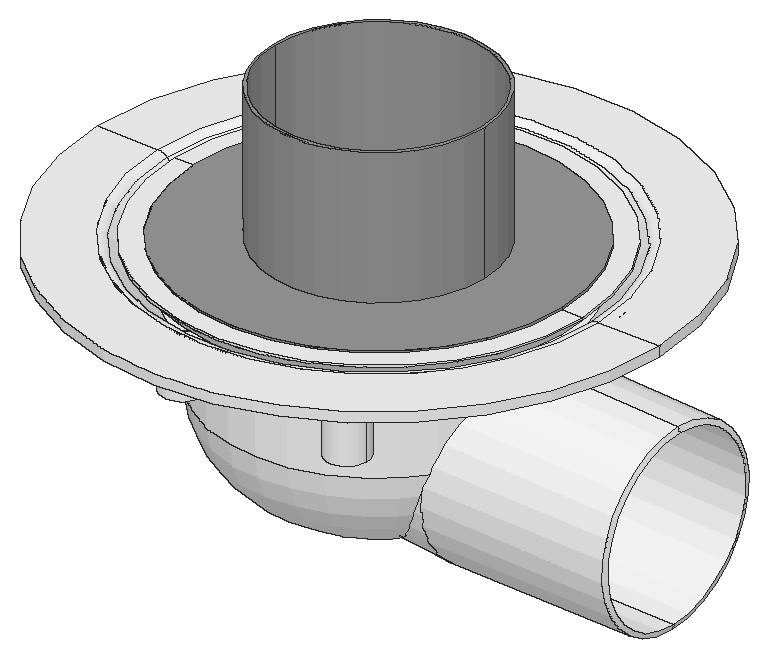
Revit family "3000.116.1 Down Pipe Junction", category Plumbing Fixtures, Revit 2016
Family settings
  Part Type = Normal
  Round Connector Dimension = Use Diameter
  OmniClass Number = 23.13.41.39
  OmniClass Title = Roof Drains
  Work Plane-Based = No
  Always vertical = Yes
  Cut with Voids When Loaded = No
  Shared = No
  Room Calculation Point = No
Parameters (values of type "80x80")
  Waste Connection = yes
  Vent Connection = no
  URL = "www.aquaknight.co.nz"
  Phone = "+6498322214"  # constant formula
  Model = "3000.116.1"
  Manufacturer = "Aquanight Industries Ltd"  # constant formula
  HW Connection = no
  Email = "info@aquaknight.co.nz"  # constant formula
  Description = "DownPipe Junction 80x80 non-vented SE"
  Connector Diameter = 80 mm
  CW Connection = no
Reference planes
  plane 1 "Center (Front/Back)": y = 0
  plane 2: z = 0
  plane 3 "Center (Left/Right)": x = 0
  plane 4: z = -98.753
  plane 5: through (171.759, -1524, -66.124) normal (-0.0302, 0, -0.9995)
Forms (mm)
  Revolve 1, solid, material "Plastic, Glossy White"
    sketch origin (0, 0, -4) x (1, 0, 0) y (0, 0, 1)
      loop
        line (72.865, -12.5) -> (58.876, -12.5) -> (58.531, -52.082)
        arc (58.531, -52.082) -> (45.849, -75.63) -> (21.355, -86.373) r 41.062
        line (21.355, -86.373) -> (0, -87.991) -> (0, -92.01) -> (21.355, -90.392)
        arc (21.355, -90.392) -> (49.575, -77.605) -> (62.876, -49.626) r 45.069
        line (62.876, -49.626) -> (62.876, -19.5) -> (74.07, -19.5)
        arc (74.07, -19.5) -> (76.898, -18.328) -> (78.07, -15.5) r 4
        line (78.07, -15.5) -> (78.07, -13.768)
        arc (78.07, -13.768) -> (78.244, -12.852) -> (78.742, -12.063) r 2.5
        line (78.742, -12.063) -> (89.249, -0.795)
        arc (89.249, -0.795) -> (90.081, -0.207) -> (91.078, 0) r 2.5
        line (91.078, 0) -> (115.126, 0) -> (115.126, 4) -> (90.425, 4)
        arc (90.425, 4) -> (88.432, 3.585) -> (86.769, 2.41) r 5
        line (86.769, 2.41) -> (72.865, -12.5)
      loop
        line (43.5, -5.5) -> (75.5, -5.5) -> (83.653, 2.653) -> (83.653, 3.5) -> (75.376, 3.5) -> (75.376, -1) -> (43.5, -1) -> (43.5, -5.5)
      axis (0, 4) -> (0, -92.01)
    angle from 0 to 360
  Extrusion 2, solid, material "Plastic, Glossy White", detail levels fine
    sketch origin (0, 0, -4) x (1, 0, 0) y (0, 1, 0)
      loop
        circle (67.55, 0) r 8.2
      loop
        circle (33.775, 58.5) r 8.2
      loop
        circle (33.775, -58.5) r 8.2
      loop
        circle (-67.55, 0) r 8.2
      loop
        circle (-33.775, 58.5) r 8.2
      loop
        circle (-33.775, -58.5) r 8.2
    from -38.379 to -12.5
  Extrusion 3, solid, material "Stainless Steel", detail levels medium+fine
    sketch origin (0, -279.02, 0) x (1, 0, 0) y (0, 1, 0)
      loop
        circle (0, 279.02) r 75.25
      loop
        circle (0, 279.02) r 43.5
    from -4 to 0
  Extrusion 4, solid, material "Stainless Steel"
    sketch origin (0, 0, 0) x (1, 0, 0) y (0, 1, 0)
      loop
        circle (0, 0) r 42.5
      loop
        circle (0, 0) r 43.5
    from -14 to 55
  Revolve 5, solid, material "Plastic, Glossy White"
    sketch origin (0, 0, 0) x (1, 0, 0) y (0, 0, 1)
      loop
        line (46.681, -100.738) -> (120.46, -102.097)
        arc (120.46, -102.097) -> (120.795, -101.104) -> (121.121, -100.109) r 127.3
        line (121.121, -100.109) -> (46.792, -98.739) -> (-21.98, -92.364) -> (-22.165, -94.356) -> (46.681, -100.738)
      axis (-21.135, -60.292) -> (122.194, -64.625)
    angle from 0 to 360
Lines and regions (mm)
  model lines, detail levels fine
    curve 1: circle (53.5, 92.665, 0) r 4.5 normal (0, 0, 1)
    curve 2: circle (107, 0, 0) r 4.5 normal (0, 0, -1)
    curve 3: circle (53.5, -92.665, 0) r 4.5 normal (0, 0, -1)
    curve 4: circle (-53.5, 92.665, 0) r 4.5 normal (0, 0, -1)
    curve 5: circle (-107, 0, 0) r 4.5 normal (0, 0, 1)
    curve 6: circle (-53.5, -92.665, 0) r 4.5 normal (0, 0, 1)
  reference lines
    curve 7: line (86.076, 0, -22.1) -> (83.356, 0, -112.058)
  model lines
    curve 8: line (84.824, 0, -63.496) -> (86.744, 0, 0)
Dimensions and locks
  level to plane 4 = 98.753 mm
  locked: curve 7 to plane 3 "Center (Left/Right)" at 83.356
  locked: connector elem to plane 5 at 0
  locked: curve 7 to plane 5 (angle 90.00°)
  aligned and locked: level to plane 2
Connectors
  piping at (84.824, 0, -63.496), diameter 80, driven by "Connector Diameter"
    settings: on curve 7, index 1, connector inside diameter 609.6 mm, connector length 0 mm, flow factor 0, pipe flow 0.0 L/s, pressure drop 0.0 Pa, fitting loss kfactor 0, connector angle 0.00°, fixture units 0, engagement length 0 mm, angle of deflection 0.00°, flow configuration 0, flow direction 0, fitting loss method 0, system type 28, joint type 0, gender type 0, connector reference index -1, connector utility 0, adjustable connector no, is connector primary yes, connector description ""
